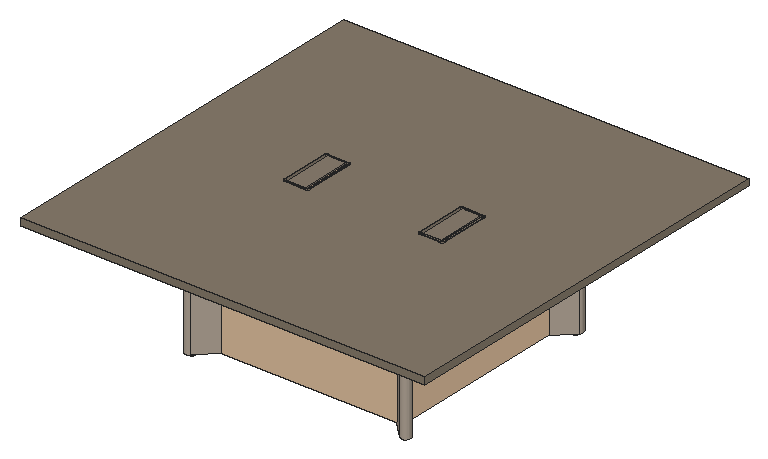
Revit family "Table-Teknion-CFSFFN_Figure_Table_Square_Gable_Enclosed_Base_Flat_Edge-R2023", category Furniture, Revit 2023
Family settings
  OmniClass Number = 23.40.20.00
  OmniClass Title = General Furniture and Specialties
  Work Plane-Based = No
  Enable Cutting in Views = No
  Always vertical = Yes
  Cut with Voids When Loaded = No
  Render Appearance Source = Family Geometry
  Shared = Yes
  Room Calculation Point = No
Parameters (values of type "Figure Table, Square, Gable Enclosed Base, Flat Edge")
  Warranty = "http://www.teknion.com/ca/papers/legal-canada"
  Void Gap [instance] = if(Size > 66.000", 26.250", if(Size = 66.000", 23.500", 10.000"))  # 26.250"
  Unit Weight URL = "http://www.teknion.com/ca/tools/assets#&asset=bee6a381-b954-425e-8283-5a2de3a804f2,f828d448-4b62-4231-9e5f-9a8991c0ed77"
  URL = "www.teknion.com"
  Top Finish [instance] = Veneer -Teknion - UX - Rustic Oak - Brindle
  To render please download texture images found here [instance] = "https://assets.teknion.com/web/5e81352c1dfdb467/revit-material-swatches/"
  Sustainability Data = "https://www.teknion.com/ca/tools/assets#&topic=216f99a5-57a0-44fc-b10a-9dee9b29ae4c&asset=444deb64-fe58-4b68-981e-f75e97781df7,b4ff2d81-9f2e-437d-9659-7cffb09c31cf"
  Surface Power Access Options [instance] = "Check/Uncheck for Power Access Options"  # constant formula
  Surface Power Access [instance] = yes
  Size [instance] = 90.000"
  Single Power Cut Out [instance] = if(Single Power, 2.250", 1.000")  # 1.000"
  Single Power [instance] = and(Surface Power Access, or(Size = 54.000", Size = 60.000"))  # no
  Series = "Custom Wood"  # constant formula
  Product Page URL = "https://www.teknion.com/ca/products/product-details?productLineId=f182336e-8e7a-673b-a6c8-ff00004460c4"
  Product Line = "Figure - Square Table"  # constant formula
  Product Documentation Link = "https://d2r72yk5wmppdj.cloudfront.net/m/7b6608f508e3c5a8/Community_Table_Cut_Sheet.pdf"
  Power Length [instance] = if(Size > 72.000", 11.820", 6.800")  # 11.820"
  Power Cover Finish [instance] = Paint - Teknion - Mica - Burnished Bronze
  Part Number = "CFSFFN"  # constant formula
  No Power Access [instance] = not(Surface Power Access)  # no
  Model = "CFSFFN_____"
  Manufacturer Phone = "416-661-3370"  # constant formula
  Manufacturer Fax = "416.661.4586"  # constant formula
  Manufacturer Contact Information = "http://www.teknion.com/ca/contactus"
  Manufacturer Address = "1150 Flint Road, Toronto, ON. M3J 2J5. Canada"  # constant formula
  Manufacturer = "Teknion"  # constant formula
  How To Use Teknion Materials User Guide [instance] = "https://assets.teknion.com/m/205dd0a49fa58060/original/How-to-add-a-Material-Library-and-Texture-Images-to-your-Revit-project.pdf"
  For Additional Finishes please visit [instance] = "https://assets.teknion.com/m/44a8009b046e5d47/original/Teknion_Materials_Library.zip"
  Double Power Cut out [instance] = if(Double Power, 27.500", 10.000")  # 27.500"
  Double Power [instance] = and(Surface Power Access, Size > 60.000")  # yes
  Description = "Figure Table, Square, Gable Enclosed Base, Flat Edge"
  Default Elevation = 0.000"
  Corner Detail [instance] = "Check/Uncheck for Corner Detail Option"  # constant formula
  Base Finish [instance] = Veneer-Teknion-LL-Natural_Veneer_V3-Silverwash_Flat_Cut
  Base Accent Finish [instance] = Veneer - Teknion - 5N - Flintwood - White Oak
  Available Size [instance] = "48\",54\",60\",66\",72\",78\",84\",90\""  # constant formula
  Assembly Code = "E2020200"
  (S) Square [instance] = not([(R) Radius])  # yes
  (R) Radius [instance] = no
Reference planes (in)
  plane 1 "Center Front/Back": y = 0
  plane 2: z = 0
  plane 3 "Center Left/Right": x = 0
  plane 4 "Left": x = -45
  plane 5 "Right": x = 45
  plane 6 "Back": y = 45
  plane 7 "Front": y = -45
  plane 8 "Top": z = 29
  plane 9: x = -24
  plane 10: y = -24
  plane 11: x = 24
  plane 12: y = 24
Forms (in)
  Sweep 1, solid, material "Veneer -Teknion - UX - Rustic Oak - Brindle" <- "Top Finish", visible <- "(S) Square"
    path origin (0, 0, 0) x (1, 0, 0) y (0, 1, 0)
      loop
        line (0, 45) -> (0, -45)
    profile origin (0, 0, 0) x (1, 0, 0) y (0, 0, 1)
      loop
        line (-45, 29) -> (-45, 27.5) -> (45, 27.5) -> (45, 29) -> (-45, 29)
  Sweep 2, solid, material "Veneer -Teknion - UX - Rustic Oak - Brindle" <- "Top Finish"
    path origin (-64.19161, 45, 48) x (-1, 0, 0) y (0, 0, 1)
      loop
        line (-64.19161, -20.5) -> (-64.19161, -21.25)
    profile origin (0, 45, 27.125) x (0, 1, 0) y (-1, 0, 0)
      loop
        line (-8, 37) -> (-82, 37) -> (-82, -37) -> (-8, -37) -> (-8, 37)
  Sweep 3, void
    path origin (-64.19161, 45, 48) x (-1, 0, 0) y (0, 0, 1)
      loop
        line (-64.19161, -48) -> (-64.19161, -20.5)
    profile origin (0, 45, 13.75) x (1, 0, 0) y (0, 1, 0)
      loop
        line (-11.75, -36.5) -> (-18.25, -36.5)
        arc (-18.25, -36.5) -> (-18.60355, -36.64645) -> (-18.75, -37) r 0.5
        line (-18.75, -37) -> (-18.75, -53)
        arc (-18.75, -53) -> (-18.60355, -53.35355) -> (-18.25, -53.5) r 0.5
        line (-18.25, -53.5) -> (-11.75, -53.5)
        arc (-11.75, -53.5) -> (-11.39645, -53.35355) -> (-11.25, -53) r 0.5
        line (-11.25, -53) -> (-11.25, -37)
        arc (-11.25, -37) -> (-11.39645, -36.64645) -> (-11.75, -36.5) r 0.5
      loop
        arc (11.75, -36.5) -> (11.39645, -36.64645) -> (11.25, -37) r 0.5
        line (11.25, -37) -> (11.25, -53)
        arc (11.25, -53) -> (11.39645, -53.35355) -> (11.75, -53.5) r 0.5
        line (11.75, -53.5) -> (18.25, -53.5)
        arc (18.25, -53.5) -> (18.60355, -53.35355) -> (18.75, -53) r 0.5
        line (18.75, -53) -> (18.75, -37)
        arc (18.75, -37) -> (18.60355, -36.64645) -> (18.25, -36.5) r 0.5
        line (18.25, -36.5) -> (11.75, -36.5)
  Sweep 4, void
    path origin (-64.19161, 45, 48) x (-1, 0, 0) y (0, 0, 1)
      loop
        line (-64.19161, -19) -> (-64.19161, -20.5)
    profile origin (0, 45, 28.25) x (0, 1, 0) y (-1, 0, 0)
      loop
        line (-39.09, 12.6987) -> (-39.09, 17.3013)
        arc (-39.09, 17.3013) -> (-39.20531, 17.57969) -> (-39.4837, 17.695) r 0.3937
        line (-39.4837, 17.695) -> (-50.5163, 17.695)
        arc (-50.5163, 17.695) -> (-50.79469, 17.57969) -> (-50.91, 17.3013) r 0.3937
        line (-50.91, 17.3013) -> (-50.91, 12.6987)
        arc (-50.91, 12.6987) -> (-50.79469, 12.42031) -> (-50.5163, 12.305) r 0.3937
        line (-50.5163, 12.305) -> (-39.4837, 12.305)
        arc (-39.4837, 12.305) -> (-39.20531, 12.42031) -> (-39.09, 12.6987) r 0.3937
      loop
        arc (-39.09, -12.6987) -> (-39.20531, -12.42031) -> (-39.4837, -12.305) r 0.3937
        line (-39.4837, -12.305) -> (-50.5163, -12.305)
        arc (-50.5163, -12.305) -> (-50.79469, -12.42031) -> (-50.91, -12.6987) r 0.3937
        line (-50.91, -12.6987) -> (-50.91, -17.3013)
        arc (-50.91, -17.3013) -> (-50.79469, -17.57969) -> (-50.5163, -17.695) r 0.3937
        line (-50.5163, -17.695) -> (-39.4837, -17.695)
        arc (-39.4837, -17.695) -> (-39.20531, -17.57969) -> (-39.09, -17.3013) r 0.3937
        line (-39.09, -17.3013) -> (-39.09, -12.6987)
  Sweep 5, solid, material "Paint - Teknion - Mica - Burnished Bronze" <- "Power Cover Finish", visible <- "Double Power"
    path origin (0, 0, 0) x (1, 0, 0) y (0, 1, 0)
      loop
        line (17.3013, 5.91) -> (12.6987, 5.91)
        arc (12.6987, 5.91) -> (12.42031, 5.79469) -> (12.305, 5.5163) r 0.3937
        line (12.305, 5.5163) -> (12.305, -5.5163)
        arc (12.305, -5.5163) -> (12.42031, -5.79469) -> (12.6987, -5.91) r 0.3937
        line (12.6987, -5.91) -> (17.3013, -5.91)
        arc (17.3013, -5.91) -> (17.57969, -5.79469) -> (17.695, -5.5163) r 0.3937
        line (17.695, -5.5163) -> (17.695, 5.5163)
        arc (17.695, 5.5163) -> (17.57969, 5.79469) -> (17.3013, 5.91) r 0.3937
    profile origin (15, 5.91, 0) x (0, -1, 0) y (0, 0, 1)
      loop
        line (-0.005, 27.5) -> (0.18494, 27.5) -> (0.18494, 28.2441) -> (0.14161, 29.07087) -> (-0.10249, 29.07087) -> (-0.10249, 29) -> (-0.005, 29) -> (-0.005, 27.5)
  Sweep 6, solid, material "Paint - Teknion - Mica - Burnished Bronze" <- "Power Cover Finish", visible <- "Double Power"
    path origin (0, 0, 0) x (1, 0, 0) y (0, 1, 0)
      loop
        line (-12.6987, 5.91) -> (-17.3013, 5.91)
        arc (-17.3013, 5.91) -> (-17.57969, 5.79469) -> (-17.695, 5.5163) r 0.3937
        line (-17.695, 5.5163) -> (-17.695, -5.5163)
        arc (-17.695, -5.5163) -> (-17.57969, -5.79469) -> (-17.3013, -5.91) r 0.3937
        line (-17.3013, -5.91) -> (-12.6987, -5.91)
        arc (-12.6987, -5.91) -> (-12.42031, -5.79469) -> (-12.305, -5.5163) r 0.3937
        line (-12.305, -5.5163) -> (-12.305, 5.5163)
        arc (-12.305, 5.5163) -> (-12.42031, 5.79469) -> (-12.6987, 5.91) r 0.3937
    profile origin (-15, 5.91, 0) x (0, -1, 0) y (0, 0, 1)
      loop
        line (-0.13263, 29.07087) -> (-0.13263, 29) -> (-0.005, 29) -> (-0.005, 27.5) -> (0.15479, 27.5) -> (0.15479, 28.2441) -> (0.11146, 29.07087) -> (-0.13263, 29.07087)
  Sweep 7, solid, material "Paint - Teknion - Mica - Burnished Bronze" <- "Power Cover Finish", visible <- "Double Power"
    path origin (-64.19161, 45, 48) x (-1, 0, 0) y (0, 0, 1)
      loop
        line (-64.19161, -18.9685) -> (-64.19161, -19.12598)
    profile origin (0, 45, 28.95276) x (0, 1, 0) y (-1, 0, 0)
      loop
        arc (-39.31687, 16.85039) -> (-39.35111, 16.93304) -> (-39.43375, 16.96727) r 0.11687
        line (-39.43375, 16.96727) -> (-50.53611, 16.96727)
        arc (-50.53611, 16.96727) -> (-50.61875, 16.93304) -> (-50.65298, 16.85039) r 0.11687
        line (-50.65298, 16.85039) -> (-50.65298, 13.14961)
        arc (-50.65298, 13.14961) -> (-50.61875, 13.06696) -> (-50.53611, 13.03273) r 0.11687
        line (-50.53611, 13.03273) -> (-39.43375, 13.03273)
        arc (-39.43375, 13.03273) -> (-39.35111, 13.06696) -> (-39.31687, 13.14961) r 0.11687
        line (-39.31687, 13.14961) -> (-39.31687, 16.85039)
      loop
        arc (-39.31687, -13.14961) -> (-39.35111, -13.06696) -> (-39.43375, -13.03273) r 0.11687
        line (-39.43375, -13.03273) -> (-50.53611, -13.03273)
        arc (-50.53611, -13.03273) -> (-50.61875, -13.06696) -> (-50.65298, -13.14961) r 0.11687
        line (-50.65298, -13.14961) -> (-50.65298, -16.85039)
        arc (-50.65298, -16.85039) -> (-50.61875, -16.93304) -> (-50.53611, -16.96727) r 0.11687
        line (-50.53611, -16.96727) -> (-39.43375, -16.96727)
        arc (-39.43375, -16.96727) -> (-39.35111, -16.93304) -> (-39.31687, -16.85039) r 0.11687
        line (-39.31687, -16.85039) -> (-39.31687, -13.14961)
  Sweep 8, void
    path origin (-64.19161, 45, 48) x (-1, 0, 0) y (0, 0, 1)
      loop
        line (-64.19161, -19) -> (-64.19161, -20)
    profile origin (0, 45, 28.5) x (0, 1, 0) y (-1, 0, 0)
      loop
        arc (-53, 3.75) -> (-53.35355, 3.60355) -> (-53.5, 3.25) r 0.5
        line (-53.5, 3.25) -> (-53.5, -3.25)
        arc (-53.5, -3.25) -> (-53.35355, -3.60355) -> (-53, -3.75) r 0.5
        line (-53, -3.75) -> (-37, -3.75)
        arc (-37, -3.75) -> (-36.64645, -3.60355) -> (-36.5, -3.25) r 0.5
        line (-36.5, -3.25) -> (-36.5, 3.25)
        arc (-36.5, 3.25) -> (-36.64645, 3.60355) -> (-37, 3.75) r 0.5
        line (-37, 3.75) -> (-53, 3.75)
  Sweep 9, void
    path origin (-64.19161, 45, 48) x (-1, 0, 0) y (0, 0, 1)
      loop
        line (-64.19161, -19) -> (-64.19161, -20.5)
    profile origin (0, 45, 28.25) x (0, 1, 0) y (-1, 0, 0)
      loop
        arc (-39.09, 2.3013) -> (-39.20678, 2.58322) -> (-39.4887, 2.7) r 0.3987
        line (-39.4887, 2.7) -> (-50.5113, 2.7)
        arc (-50.5113, 2.7) -> (-50.79322, 2.58322) -> (-50.91, 2.3013) r 0.3987
        line (-50.91, 2.3013) -> (-50.91, -2.3013)
        arc (-50.91, -2.3013) -> (-50.79322, -2.58322) -> (-50.5113, -2.7) r 0.3987
        line (-50.5113, -2.7) -> (-39.4887, -2.7)
        arc (-39.4887, -2.7) -> (-39.20678, -2.58322) -> (-39.09, -2.3013) r 0.3987
        line (-39.09, -2.3013) -> (-39.09, 2.3013)
  Sweep 10, solid, material "Paint - Teknion - Mica - Burnished Bronze" <- "Power Cover Finish", visible <- "Single Power"
    path origin (0, 0, 0) x (1, 0, 0) y (0, 1, 0)
      loop
        line (2.3013, 5.91) -> (-2.3013, 5.91)
        arc (-2.3013, 5.91) -> (-2.58322, 5.79322) -> (-2.7, 5.5113) r 0.3987
        line (-2.7, 5.5113) -> (-2.7, -5.5113)
        arc (-2.7, -5.5113) -> (-2.58322, -5.79322) -> (-2.3013, -5.91) r 0.3987
        line (-2.3013, -5.91) -> (2.3013, -5.91)
        arc (2.3013, -5.91) -> (2.58322, -5.79322) -> (2.7, -5.5113) r 0.3987
        line (2.7, -5.5113) -> (2.7, 5.5113)
        arc (2.7, 5.5113) -> (2.58322, 5.79322) -> (2.3013, 5.91) r 0.3987
    profile origin (0, 5.91, 0) x (0, -1, 0) y (0, 0, 1)
      loop
        line (-0.13263, 29.07087) -> (-0.13263, 29) -> (-0.005, 29) -> (-0.005, 27.5) -> (0.15479, 27.5) -> (0.15479, 28.2441) -> (0.11146, 29.07087) -> (-0.13263, 29.07087)
  Sweep 11, solid, material "Paint - Teknion - Mica - Burnished Bronze" <- "Power Cover Finish", visible <- "Single Power"
    path origin (-64.19161, 45, 48) x (-1, 0, 0) y (0, 0, 1)
      loop
        line (-64.19161, -18.9685) -> (-64.19161, -19.12598)
    profile origin (0, 45, 28.95276) x (0, 1, 0) y (-1, 0, 0)
      loop
        arc (-50.53611, 1.96727) -> (-50.61875, 1.93304) -> (-50.65298, 1.85039) r 0.11687
        line (-50.65298, 1.85039) -> (-50.65298, -1.85039)
        arc (-50.65298, -1.85039) -> (-50.61875, -1.93304) -> (-50.53611, -1.96727) r 0.11687
        line (-50.53611, -1.96727) -> (-39.43375, -1.96727)
        arc (-39.43375, -1.96727) -> (-39.35111, -1.93304) -> (-39.31687, -1.85039) r 0.11687
        line (-39.31687, -1.85039) -> (-39.31687, 1.85039)
        arc (-39.31687, 1.85039) -> (-39.35111, 1.93304) -> (-39.43375, 1.96727) r 0.11687
        line (-39.43375, 1.96727) -> (-50.53611, 1.96727)
  Sweep 12, solid, material "Veneer -Teknion - UX - Rustic Oak - Brindle" <- "Top Finish", visible <- "(R) Radius"
    path origin (-64.19161, 45, 48) x (-1, 0, 0) y (0, 0, 1)
      loop
        line (-64.19161, -19) -> (-64.19161, -20.5)
    profile origin (0, 45, 28.25) x (0, 1, 0) y (-1, 0, 0)
      loop
        line (-6, 45) -> (-84, 45)
        arc (-84, 45) -> (-88.24264, 43.24264) -> (-90, 39) r 6
        line (-90, 39) -> (-90, -39)
        arc (-90, -39) -> (-88.24264, -43.24264) -> (-84, -45) r 6
        line (-84, -45) -> (-6, -45)
        arc (-6, -45) -> (-1.75736, -43.24264) -> (0, -39) r 6
        line (0, -39) -> (0, 39)
        arc (0, 39) -> (-1.75736, 43.24264) -> (-6, 45) r 6
Cuts and joins
  Sweep 4, Sweep 9 cuts Sweep 1
  Sweep 3, Sweep 8 cuts Sweep 2
  Sweep 3, Sweep 4, Sweep 9 cuts Sweep 12
Lines and regions (in)
  Masking region 1, visible <- "(S) Square"
    outline origin (0, 0, 0) x (1, 0, 0) y (0, 1, 0)
      loop
        line (-45, 45) -> (-45, -45) -> (45, -45) -> (45, 45) -> (-45, 45)
  Masking region 2, visible <- "(R) Radius"
    outline origin (0, 0, 0) x (1, 0, 0) y (0, 1, 0)
      loop
        arc (-39, 45) -> (-43.24264, 43.24264) -> (-45, 39) r 6
        line (-45, 39) -> (-45, -39)
        arc (-45, -39) -> (-43.24264, -43.24264) -> (-39, -45) r 6
        line (-39, -45) -> (39, -45)
        arc (39, -45) -> (43.24264, -43.24264) -> (45, -39) r 6
        line (45, -39) -> (45, 39)
        arc (45, 39) -> (43.24264, 43.24264) -> (39, 45) r 6
        line (39, 45) -> (-39, 45)
  symbolic lines, visible <- "Double Power"
    curve 1: line (-12.6987, 6.04263, 0) -> (-17.3013, 6.04263, 0)
    curve 2: line (-17.3013, 5.79854, 0) -> (-12.6987, 5.79854, 0)
    curve 3: line (-17.3013, 5.75521, 0) -> (-12.6987, 5.75521, 0)
    curve 4: line (-13.14961, 5.68313, 0) -> (-16.85039, 5.68313, 0)
    curve 5: line (-16.96727, 5.56625, 0) -> (-16.96727, -5.53611, 0)
    curve 6: line (-13.03273, -5.53611, 0) -> (-13.03273, 5.56625, 0)
    curve 7: line (-12.45979, 5.5163, 0) -> (-12.45979, -5.5163, 0)
    curve 8: line (-12.41646, -5.5163, 0) -> (-12.41646, 5.5163, 0)
    curve 9: line (-12.17237, -5.5163, 0) -> (-12.17237, 5.5163, 0)
    curve 10: line (-17.54021, -5.5163, 0) -> (-17.54021, 5.5163, 0)
    curve 11: line (-17.58354, 5.5163, 0) -> (-17.58354, -5.5163, 0)
    curve 12: line (-17.82763, 5.5163, 0) -> (-17.82763, -5.5163, 0)
    curve 13: line (-16.85039, -5.65298, 0) -> (-13.14961, -5.65298, 0)
    curve 14: line (-12.6987, -5.75521, 0) -> (-17.3013, -5.75521, 0)
    curve 15: line (-17.3013, -5.79854, 0) -> (-12.6987, -5.79854, 0)
    curve 16: line (-17.3013, -6.04263, 0) -> (-12.6987, -6.04263, 0)
    curve 17: arc (-16.96727, -5.53611, 0) -> (-16.93304, -5.61875, 0) -> (-16.85039, -5.65298, 0) r 0.11687
    curve 18: arc (-17.58354, -5.5163, 0) -> (-17.50087, -5.71587, 0) -> (-17.3013, -5.79854, 0) r 0.28224
    curve 19: arc (-17.82763, -5.5163, 0) -> (-17.67347, -5.88847, 0) -> (-17.3013, -6.04263, 0) r 0.52633
    curve 20: arc (-13.14961, -5.65298, 0) -> (-13.06696, -5.61875, 0) -> (-13.03273, -5.53611, 0) r 0.11687
    curve 21: arc (-12.6987, -5.75521, 0) -> (-12.52977, -5.68523, 0) -> (-12.45979, -5.5163, 0) r 0.23891
    curve 22: arc (-12.6987, -5.79854, 0) -> (-12.49913, -5.71587, 0) -> (-12.41646, -5.5163, 0) r 0.28224
    curve 23: arc (-12.6987, -6.04263, 0) -> (-12.32653, -5.88847, 0) -> (-12.17237, -5.5163, 0) r 0.52633
    curve 24: arc (-13.03273, 5.56625, 0) -> (-13.06696, 5.64889, 0) -> (-13.14961, 5.68313, 0) r 0.11687
    curve 25: arc (-12.45979, 5.5163, 0) -> (-12.52977, 5.68523, 0) -> (-12.6987, 5.75521, 0) r 0.23891
    curve 26: arc (-12.41646, 5.5163, 0) -> (-12.49913, 5.71587, 0) -> (-12.6987, 5.79854, 0) r 0.28224
    curve 27: arc (-12.17237, 5.5163, 0) -> (-12.32653, 5.88847, 0) -> (-12.6987, 6.04263, 0) r 0.52633
    curve 28: arc (-16.85039, 5.68313, 0) -> (-16.93304, 5.64889, 0) -> (-16.96727, 5.56625, 0) r 0.11687
    curve 29: arc (-17.3013, 5.75521, 0) -> (-17.47023, 5.68523, 0) -> (-17.54021, 5.5163, 0) r 0.23891
    curve 30: arc (-17.3013, 5.79854, 0) -> (-17.50087, 5.71587, 0) -> (-17.58354, 5.5163, 0) r 0.28224
    curve 31: arc (-17.3013, 6.04263, 0) -> (-17.67347, 5.88847, 0) -> (-17.82763, 5.5163, 0) r 0.52633
    curve 32: arc (-17.54021, -5.5163, 0) -> (-17.47023, -5.68523, 0) -> (-17.3013, -5.75521, 0) r 0.23891
    curve 33: line (17.3013, 6.01249, 0) -> (12.6987, 6.01249, 0)
    curve 34: line (12.6987, 5.72506, 0) -> (17.3013, 5.72506, 0)
    curve 35: line (12.6987, 5.76839, 0) -> (17.3013, 5.76839, 0)
    curve 36: line (16.85039, 5.68313, 0) -> (13.14961, 5.68313, 0)
    curve 37: line (12.20251, 5.5163, 0) -> (12.20251, -5.5163, 0)
    curve 38: line (12.44661, 5.5163, 0) -> (12.44661, -5.5163, 0)
    curve 39: line (12.48994, -5.5163, 0) -> (12.48994, 5.5163, 0)
    curve 40: line (13.03273, 5.56625, 0) -> (13.03273, -5.53611, 0)
    curve 41: line (16.96727, -5.53611, 0) -> (16.96727, 5.56625, 0)
    curve 42: line (17.51006, 5.5163, 0) -> (17.51006, -5.5163, 0)
    curve 43: line (17.55339, -5.5163, 0) -> (17.55339, 5.5163, 0)
    curve 44: line (17.79749, -5.5163, 0) -> (17.79749, 5.5163, 0)
    curve 45: line (13.14961, -5.65298, 0) -> (16.85039, -5.65298, 0)
    curve 46: line (17.3013, -5.72506, 0) -> (12.6987, -5.72506, 0)
    curve 47: line (12.6987, -5.76839, 0) -> (17.3013, -5.76839, 0)
    curve 48: line (12.6987, -6.01249, 0) -> (17.3013, -6.01249, 0)
    curve 49: arc (12.20251, -5.5163, 0) -> (12.34784, -5.86716, 0) -> (12.6987, -6.01249, 0) r 0.49619
    curve 50: arc (12.44661, -5.5163, 0) -> (12.52044, -5.69456, 0) -> (12.6987, -5.76839, 0) r 0.25209
    curve 51: arc (12.48994, -5.5163, 0) -> (12.55108, -5.66392, 0) -> (12.6987, -5.72506, 0) r 0.20877
    curve 52: arc (13.03273, -5.53611, 0) -> (13.06696, -5.61875, 0) -> (13.14961, -5.65298, 0) r 0.11687
    curve 53: arc (16.85039, -5.65298, 0) -> (16.93304, -5.61875, 0) -> (16.96727, -5.53611, 0) r 0.11687
    curve 54: arc (17.3013, -5.72506, 0) -> (17.44892, -5.66392, 0) -> (17.51006, -5.5163, 0) r 0.20877
    curve 55: arc (17.3013, -5.76839, 0) -> (17.47956, -5.69456, 0) -> (17.55339, -5.5163, 0) r 0.25209
    curve 56: arc (17.3013, -6.01249, 0) -> (17.65216, -5.86716, 0) -> (17.79749, -5.5163, 0) r 0.49619
    curve 57: arc (16.96727, 5.56625, 0) -> (16.93304, 5.64889, 0) -> (16.85039, 5.68313, 0) r 0.11687
    curve 58: arc (17.51006, 5.5163, 0) -> (17.44892, 5.66392, 0) -> (17.3013, 5.72506, 0) r 0.20877
    curve 59: arc (17.55339, 5.5163, 0) -> (17.47956, 5.69456, 0) -> (17.3013, 5.76839, 0) r 0.25209
    curve 60: arc (17.79749, 5.5163, 0) -> (17.65216, 5.86716, 0) -> (17.3013, 6.01249, 0) r 0.49619
    curve 61: arc (13.14961, 5.68313, 0) -> (13.06696, 5.64889, 0) -> (13.03273, 5.56625, 0) r 0.11687
    curve 62: arc (12.6987, 5.72506, 0) -> (12.55108, 5.66392, 0) -> (12.48994, 5.5163, 0) r 0.20877
    curve 63: arc (12.6987, 5.76839, 0) -> (12.52044, 5.69456, 0) -> (12.44661, 5.5163, 0) r 0.25209
    curve 64: arc (12.6987, 6.01249, 0) -> (12.34784, 5.86716, 0) -> (12.20251, 5.5163, 0) r 0.49619
  symbolic lines, visible <- "Single Power"
    curve 65: line (2.3013, 6.04263, 0) -> (-2.3013, 6.04263, 0)
    curve 66: line (-2.3013, 5.79854, 0) -> (2.3013, 5.79854, 0)
    curve 67: line (-2.3013, 5.75521, 0) -> (2.3013, 5.75521, 0)
    curve 68: line (1.85039, 5.68313, 0) -> (-1.85039, 5.68313, 0)
    curve 69: line (-2.83263, 5.5113, 0) -> (-2.83263, -5.5113, 0)
    curve 70: line (-2.58854, -5.5113, 0) -> (-2.58854, 5.5113, 0)
    curve 71: line (-2.54521, -5.5113, 0) -> (-2.54521, 5.5113, 0)
    curve 72: line (-1.96727, 5.56625, 0) -> (-1.96727, -5.53611, 0)
    curve 73: line (1.96727, -5.53611, 0) -> (1.96727, 5.56625, 0)
    curve 74: line (2.54521, 5.5113, 0) -> (2.54521, -5.5113, 0)
    curve 75: line (2.58854, 5.5113, 0) -> (2.58854, -5.5113, 0)
    curve 76: line (2.83263, -5.5113, 0) -> (2.83263, 5.5113, 0)
    curve 77: line (-1.85039, -5.65298, 0) -> (1.85039, -5.65298, 0)
    curve 78: line (2.3013, -5.75521, 0) -> (-2.3013, -5.75521, 0)
    curve 79: line (2.3013, -5.79854, 0) -> (-2.3013, -5.79854, 0)
    curve 80: line (-2.3013, -6.04263, 0) -> (2.3013, -6.04263, 0)
    curve 81: arc (-2.83263, -5.5113, 0) -> (-2.67701, -5.88701, 0) -> (-2.3013, -6.04263, 0) r 0.53133
    curve 82: arc (-2.3013, -5.79854, 0) -> (-2.50441, -5.71441, 0) -> (-2.58854, -5.5113, 0) r 0.28724
    curve 83: arc (-2.54521, -5.5113, 0) -> (-2.47377, -5.68377, 0) -> (-2.3013, -5.75521, 0) r 0.24391
    curve 84: arc (-1.96727, -5.53611, 0) -> (-1.93304, -5.61875, 0) -> (-1.85039, -5.65298, 0) r 0.11687
    curve 85: arc (1.85039, -5.65298, 0) -> (1.93304, -5.61875, 0) -> (1.96727, -5.53611, 0) r 0.11687
    curve 86: arc (2.3013, -5.75521, 0) -> (2.47377, -5.68377, 0) -> (2.54521, -5.5113, 0) r 0.24391
    curve 87: arc (2.58854, -5.5113, 0) -> (2.50441, -5.71441, 0) -> (2.3013, -5.79854, 0) r 0.28724
    curve 88: arc (2.3013, -6.04263, 0) -> (2.67701, -5.88701, 0) -> (2.83263, -5.5113, 0) r 0.53133
    curve 89: arc (1.96727, 5.56625, 0) -> (1.93304, 5.64889, 0) -> (1.85039, 5.68313, 0) r 0.11687
    curve 90: arc (2.54521, 5.5113, 0) -> (2.47377, 5.68377, 0) -> (2.3013, 5.75521, 0) r 0.24391
    curve 91: arc (2.3013, 5.79854, 0) -> (2.50441, 5.71441, 0) -> (2.58854, 5.5113, 0) r 0.28724
    curve 92: arc (2.83263, 5.5113, 0) -> (2.67701, 5.88701, 0) -> (2.3013, 6.04263, 0) r 0.53133
    curve 93: arc (-1.85039, 5.68313, 0) -> (-1.93304, 5.64889, 0) -> (-1.96727, 5.56625, 0) r 0.11687
    curve 94: arc (-2.3013, 5.75521, 0) -> (-2.47377, 5.68377, 0) -> (-2.54521, 5.5113, 0) r 0.24391
    curve 95: arc (-2.58854, 5.5113, 0) -> (-2.50441, 5.71441, 0) -> (-2.3013, 5.79854, 0) r 0.28724
    curve 96: arc (-2.3013, 6.04263, 0) -> (-2.67701, 5.88701, 0) -> (-2.83263, 5.5113, 0) r 0.53133
  symbolic lines, style "FurnitureHiddenLines", detail levels medium+fine
    curve 97: line (-37, 37, 0) -> (37, 37, 0)
    curve 98: line (-37, -37, 0) -> (-37, 37, 0)
    curve 99: line (37, -37, 0) -> (-37, -37, 0)
    curve 100: line (37, 37, 0) -> (37, -37, 0)
  symbolic lines, style "FurnitureHiddenLines", visible <- "Double Power", detail levels medium+fine
    curve 101: line (-11.75, 8.5, 0) -> (-18.25, 8.5, 0)
    curve 102: line (-18.75, 8, 0) -> (-18.75, -8, 0)
    curve 103: line (-18.25, -8.5, 0) -> (-11.75, -8.5, 0)
    curve 104: line (-11.25, -8, 0) -> (-11.25, 8, 0)
    curve 105: arc (-18.25, -8.5, 0) -> (-18.60355, -8.35355, 0) -> (-18.75, -8, 0) r 0.5
    curve 106: arc (-11.25, -8, 0) -> (-11.39645, -8.35355, 0) -> (-11.75, -8.5, 0) r 0.5
    curve 107: arc (-18.75, 8, 0) -> (-18.60355, 8.35355, 0) -> (-18.25, 8.5, 0) r 0.5
    curve 108: arc (-11.75, 8.5, 0) -> (-11.39645, 8.35355, 0) -> (-11.25, 8, 0) r 0.5
    curve 117: line (18.25, 8.5, 0) -> (11.75, 8.5, 0)
    curve 118: line (11.75, -8.5, 0) -> (18.25, -8.5, 0)
    curve 119: line (11.25, 8, 0) -> (11.25, -8, 0)
    curve 120: line (18.75, -8, 0) -> (18.75, 8, 0)
    curve 121: arc (18.25, 8.5, 0) -> (18.60355, 8.35355, 0) -> (18.75, 8, 0) r 0.5
    curve 122: arc (11.25, 8, 0) -> (11.39645, 8.35355, 0) -> (11.75, 8.5, 0) r 0.5
    curve 123: arc (11.75, -8.5, 0) -> (11.39645, -8.35355, 0) -> (11.25, -8, 0) r 0.5
    curve 124: arc (18.75, -8, 0) -> (18.60355, -8.35355, 0) -> (18.25, -8.5, 0) r 0.5
  symbolic lines, style "FurnitureHiddenLines", visible <- "Single Power", detail levels medium+fine
    curve 109: line (-3.75, 8, 0) -> (-3.75, -8, 0)
    curve 110: line (-3.25, -8.5, 0) -> (3.25, -8.5, 0)
    curve 111: line (3.75, -8, 0) -> (3.75, 8, 0)
    curve 112: arc (-3.75, -8, 0) -> (-3.60355, -8.35355, 0) -> (-3.25, -8.5, 0) r 0.5
    curve 113: arc (3.25, -8.5, 0) -> (3.60355, -8.35355, 0) -> (3.75, -8, 0) r 0.5
    curve 114: line (3.25, 8.5, 0) -> (-3.25, 8.5, 0)
    curve 115: arc (-3.25, 8.5, 0) -> (-3.60355, 8.35355, 0) -> (-3.75, 8, 0) r 0.5
    curve 116: arc (3.75, 8, 0) -> (3.60355, 8.35355, 0) -> (3.25, 8.5, 0) r 0.5
  reference lines
    curve 125: line (-45, 45, 0) -> (-45, -45, 0)
    curve 126: line (45, 45, 0) -> (45, -45, 0)
    curve 127: line (-45, 45, 0) -> (45, 45, 0)
    curve 128: line (-45, -45, 0) -> (45, -45, 0)
Dimensions and locks (in)
  "Size": plane 4 "Left" to plane 5 "Right"
  "Size": plane 6 "Back" to plane 7 "Front"
  plane 8 "Top" to level = 29.000"
  equal spacing: plane 6 "Back", plane 1 "Center Front/Back", plane 7 "Front"
  equal spacing: plane 4 "Left", plane 3 "Center Left/Right", plane 5 "Right"
  locked: Sweep 1 sketch curve to Sweep 1 sketch curve at 1.5
  plane 8 "Top" to Sweep 2 sketch curve to Sweep 2 sketch curve = 1.500" locked, 0.750" locked
  locked: plane 4 "Left" to Sweep 2 sketch curve at 8
  locked: Sweep 2 sketch curve to plane 5 "Right" at 8
  locked: plane 6 "Back" to Sweep 2 sketch curve at 8
  locked: plane 7 "Front" to Sweep 2 sketch curve at 8
  Sweep 3 sketch curve to plane 1 "Center Front/Back" to Sweep 3 sketch curve = 8.500" locked, 8.500" locked
  locked: Sweep 4 sketch curve to Sweep 4 sketch curve at 1.5
  equal spacing: Sweep 4 sketch curve, plane 1 "Center Front/Back", Sweep 4 sketch curve
  "Power Length": Sweep 4 sketch curve to Sweep 4 sketch curve
  Sweep 5 sketch curve to Sweep 5 sketch curve to Sweep 5 sketch curve = 0.7559" locked, 0.07087" locked
  Sweep 5 sketch curve to Sweep 5 sketch curve to Sweep 5 sketch curve = 0.09749" locked, 0.18994" locked
  Sweep 6 sketch curve to Sweep 6 sketch curve to Sweep 6 sketch curve = 0.15979" locked, 0.12763" locked
  Sweep 7 sketch curve to plane 8 "Top" to Sweep 7 sketch curve = 0.0315" locked, 0.12598" locked
  Sweep 8 sketch curve to plane 3 "Center Left/Right" to Sweep 8 sketch curve = 3.750" locked, 3.750" locked
  Sweep 8 sketch curve to plane 1 "Center Front/Back" to Sweep 8 sketch curve = 8.500" locked, 8.500" locked
  Sweep 9 sketch curve to plane 3 "Center Left/Right" to Sweep 9 sketch curve = 2.700" locked, 2.700" locked
  equal spacing: Sweep 9 sketch curve, plane 1 "Center Front/Back", Sweep 9 sketch curve
  "Power Length": Sweep 9 sketch curve to Sweep 9 sketch curve
  Sweep 10 sketch curve to Sweep 10 sketch curve to Sweep 10 sketch curve = 0.11646" locked, 0.12763" locked
  Sweep 11 sketch curve to plane 8 "Top" to Sweep 11 sketch curve = 0.0315" locked, 0.12598" locked
  Sweep 11 sketch curve to plane 3 "Center Left/Right" to Sweep 11 sketch curve = 1.96727" locked, 1.96727" locked
  locked: Sweep 10 to Sweep 11 sketch curve at 0.3595
  locked: Sweep 10 to Sweep 11 sketch curve at 0.38965
  locked: Sweep 3 sketch curve to Sweep 3 sketch curve at 7.5  (x2)
  "Void Gap": plane 4 "Left" to Sweep 3 sketch curve
  "Void Gap": Sweep 3 sketch curve to plane 5 "Right"
  locked: Sweep 4 sketch curve to Sweep 4 sketch curve at 5.39  (x2)
  locked: Sweep 6 to Sweep 7 sketch curve at 0.3595
  locked: Sweep 6 to Sweep 7 sketch curve at 0.38965
  locked: Sweep 6 to Sweep 7 sketch curve at 0.86036
  locked: Sweep 7 sketch curve to Sweep 6 at 0.86036
  locked: Sweep 5 to Sweep 7 sketch curve at 0.83022
  locked: Sweep 7 sketch curve to Sweep 5 at 0.83022
  "Double Power Cut out": Sweep 3 sketch curve to Sweep 3 sketch curve
  locked: Sweep 3 to Sweep 4 sketch curve at 1.055
  locked: Sweep 4 sketch curve to Sweep 3 at 1.055
  "Single Power Cut Out": Sweep 8 sketch curve to Sweep 8 sketch curve
  locked: Sweep 6 sketch curve to Sweep 6 sketch curve at 0.07087
  locked: plane 8 "Top" to Sweep 12 sketch curve at 1.5
  aligned and locked: level to plane 2
  aligned and locked: Sweep 1 sketch curve to plane 3 "Center Left/Right"
  aligned and locked: plane 6 "Back" to Sweep 1 sketch curve
  aligned and locked: plane 7 "Front" to Sweep 1 sketch curve
  aligned and locked: Sweep 1 sketch curve to plane 8 "Top"
  aligned and locked: plane 3 "Center Left/Right" to Sweep 3 sketch curve
  aligned and locked: Sweep 3 sketch curve to Sweep 3 sketch curve  (x2)
  aligned and locked: Sweep 4 sketch curve to plane 3 "Center Left/Right"
  aligned and locked: plane 8 "Top" to Sweep 4 sketch curve
  aligned and locked: Sweep 4 sketch curve to Sweep 4 sketch curve  (x2)
  aligned and locked: Sweep 5 sketch curve to plane 8 "Top"
  aligned and locked: plane 8 "Top" to Sweep 6 sketch curve
  aligned and locked: Sweep 7 sketch curve to plane 3 "Center Left/Right"
  aligned and locked: Sweep 8 sketch curve to plane 3 "Center Left/Right"
  aligned and locked: Sweep 9 sketch curve to plane 3 "Center Left/Right"
  aligned and locked: Sweep 10 sketch curve to Sweep 9  (x4)
  aligned and locked: plane 8 "Top" to Sweep 10 sketch curve
  aligned and locked: Sweep 6 sketch curve to Sweep 4  (x4)
  aligned and locked: Sweep 5 sketch curve to Sweep 4  (x4)
  aligned and locked: Sweep 7 sketch curve to Sweep 7 sketch curve  (x2)
  aligned and locked: plane 2 to Sweep 3 sketch curve
  aligned and locked: plane 8 "Top" to Sweep 8 sketch curve
  aligned and locked: Masking region 1 sketch curve to plane 6 "Back"
  aligned and locked: plane 4 "Left" to Masking region 1 sketch curve
  aligned and locked: Masking region 1 sketch curve to plane 7 "Front"
  aligned and locked: plane 5 "Right" to Masking region 1 sketch curve
  aligned and locked: curve 17 to Sweep 7
  aligned and locked: curve 18 to Sweep 6
  aligned and locked: curve 19 to Sweep 6
  aligned and locked: curve 20 to Sweep 7
  aligned and locked: curve 21 to Sweep 6
  aligned and locked: curve 22 to Sweep 6
  aligned and locked: curve 23 to Sweep 6
  aligned and locked: curve 24 to Sweep 7
  aligned and locked: curve 25 to Sweep 6
  aligned and locked: curve 26 to Sweep 6
  aligned and locked: curve 27 to Sweep 6
  aligned and locked: curve 28 to Sweep 7
  aligned and locked: curve 29 to Sweep 6
  aligned and locked: curve 30 to Sweep 6
  aligned and locked: curve 31 to Sweep 6
  aligned and locked: curve 32 to Sweep 6
  aligned and locked: curve 49 to Sweep 5
  aligned and locked: curve 50 to Sweep 5
  aligned and locked: curve 51 to Sweep 5
  aligned and locked: curve 52 to Sweep 7
  aligned and locked: curve 53 to Sweep 7
  aligned and locked: curve 54 to Sweep 5
  aligned and locked: curve 55 to Sweep 5
  aligned and locked: curve 56 to Sweep 5
  aligned and locked: curve 57 to Sweep 7
  aligned and locked: curve 58 to Sweep 5
  aligned and locked: curve 59 to Sweep 5
  aligned and locked: curve 60 to Sweep 5
  aligned and locked: curve 61 to Sweep 7
  aligned and locked: curve 62 to Sweep 5
  aligned and locked: curve 63 to Sweep 5
  aligned and locked: curve 64 to Sweep 5
  aligned and locked: curve 81 to Sweep 10
  aligned and locked: curve 82 to Sweep 10
  aligned and locked: curve 83 to Sweep 10
  aligned and locked: curve 84 to Sweep 11
  aligned and locked: curve 85 to Sweep 11
  aligned and locked: curve 86 to Sweep 10
  aligned and locked: curve 87 to Sweep 10
  aligned and locked: curve 88 to Sweep 10
  aligned and locked: curve 89 to Sweep 11
  aligned and locked: curve 90 to Sweep 10
  aligned and locked: curve 91 to Sweep 10
  aligned and locked: curve 92 to Sweep 10
  aligned and locked: curve 93 to Sweep 11
  aligned and locked: curve 94 to Sweep 10
  aligned and locked: curve 95 to Sweep 10
  aligned and locked: curve 96 to Sweep 10
  aligned and locked: curve 97 to cut or joined group of Sweep 2, Sweep 3, Sweep 8
  aligned and locked: curve 98 to cut or joined group of Sweep 2, Sweep 3, Sweep 8
  aligned and locked: curve 99 to cut or joined group of Sweep 2, Sweep 3, Sweep 8
  aligned and locked: curve 100 to cut or joined group of Sweep 2, Sweep 3, Sweep 8
  aligned and locked: curve 105 to Sweep 3
  aligned and locked: curve 106 to Sweep 3
  aligned and locked: curve 107 to Sweep 3
  aligned and locked: curve 108 to Sweep 3
  aligned and locked: curve 112 to Sweep 8
  aligned and locked: curve 113 to Sweep 8
  aligned and locked: curve 115 to Sweep 8
  aligned and locked: curve 116 to Sweep 8
  aligned and locked: curve 121 to Sweep 3
  aligned and locked: curve 122 to Sweep 3
  aligned and locked: curve 123 to Sweep 3
  aligned and locked: curve 124 to Sweep 3
  aligned and locked: Sweep 2 sketch curve to plane 3 "Center Left/Right"
  aligned and locked: Sweep 11 sketch curve to plane 3 "Center Left/Right"
  aligned and locked: plane 1 "Center Front/Back" to nested 1
  aligned and locked: plane 3 "Center Left/Right" to nested 1
  aligned and locked: nested 1 to plane 2
  aligned and locked: curve 125 to plane 4 "Left"
  aligned and locked: plane 5 "Right" to curve 126
  aligned and locked: curve 127 to plane 6 "Back"
  aligned and locked: plane 7 "Front" to curve 128
  aligned and locked: plane 1 "Center Front/Back" to nested 10
  aligned and locked: plane 3 "Center Left/Right" to nested 10
  aligned and locked: plane 5 "Right" to Sweep 1 sketch curve
  aligned and locked: Sweep 1 sketch curve to plane 4 "Left"
  aligned and locked: Sweep 12 sketch curve to plane 3 "Center Left/Right"
  aligned and locked: plane 8 "Top" to Sweep 12 sketch curve
  aligned and locked: plane 4 "Left" to Sweep 12 sketch curve
  aligned and locked: plane 6 "Back" to Sweep 12 sketch curve
  aligned and locked: Sweep 12 sketch curve to plane 5 "Right"
  aligned and locked: Sweep 12 sketch curve to plane 7 "Front"
  aligned and locked: Masking region 2 sketch curve to plane 6 "Back"
  aligned and locked: Masking region 2 sketch curve to plane 4 "Left"
  aligned and locked: plane 7 "Front" to Masking region 2 sketch curve
  aligned and locked: plane 5 "Right" to Masking region 2 sketch curve
Automatic sketch dimensions
  Sweep 5 sketch curve to profile plane = 0.14161"
  profile plane to Sweep 5 sketch curve = 0.005"
  Sweep 6 sketch curve to profile plane = 0.11146"
  profile plane to Sweep 6 sketch curve = 0.005"
  Sweep 6 sketch curve to Sweep 6 sketch curve = 0.7441"
  Sweep 8 sketch curve to Sweep 8 sketch curve = 0.500"  (x3)
  Sweep 8 sketch curve to Sweep 8 sketch curve = 0.000"
  Sweep 11 sketch curve to Sweep 11 sketch curve = 0.11687"  (x3)
  Sweep 11 sketch curve to Sweep 11 sketch curve = 0.000"
  Sweep 7 sketch curve to Sweep 7 sketch curve = 0.11687"  (x6)
  Sweep 7 sketch curve to Sweep 7 sketch curve = 0.000"  (x2)
  profile plane to Sweep 10 sketch curve = 0.13263"
  Sweep 10 sketch curve to Sweep 10 sketch curve = 0.07087"
  Sweep 10 sketch curve to profile plane = 0.15479"
  Sweep 10 sketch curve to Sweep 10 sketch curve = 0.7441"
  Sweep 9 sketch curve to plane 8 "Top" = 0.000"
  Sweep 2 sketch curve to plane 3 "Center Left/Right" = 0.000"
  Sweep 11 sketch curve to plane 3 "Center Left/Right" = 0.000"
  Sweep 5 sketch curve to Sweep 5 sketch curve = 0.7441"
  Sweep 6 sketch curve to Sweep 6 sketch curve = 0.7559"
  Sweep 9 sketch curve to plane 8 "Top" = 1.500"
  Sweep 10 sketch curve to Sweep 10 sketch curve = 0.7559"
  Sweep 12 sketch curve to Sweep 12 sketch curve = 6.000"  (x4)
  Masking region 2 sketch curve to Masking region 2 sketch curve = 6.000"  (x4)
  Sweep 3 sketch curve to Sweep 3 sketch curve = 0.500"  (x8)
  Sweep 4 sketch curve to Sweep 4 sketch curve = 0.3937"  (x8)
  Sweep 9 sketch curve to Sweep 9 sketch curve = 0.3987"  (x4)
Nested families (in)
  nested 1: "Base" at (0, 0, 0), Size <- "Size", Base Finish <- "Base Finish", Base Accent Finish <- "Base Accent Finish", type "Gable Enclosed Base"
    with Width 74.000", Top Cutout 27.456", To render please download texture images found here "https://assets.teknion.com/web/5e81352c1dfdb467/revit-material-swatches/", Size 90.000", How To Use Teknion Materials User Guide "https://assets.teknion.com/m/205dd0a49fa58060/original/How-to-add-a-Material-Library-and-Texture-Images-to-your-Revit-project.pdf", Glide Finish Paint - Teknion - 52 - Ebony, Glide Dim 2 47.376", Glide Dim 17.657", For Additional Finishes please visit "https://assets.teknion.com/m/44a8009b046e5d47/original/Teknion_Materials_Library.zip", Bottom Cutout 18.971", Base Size 42.000", Base Finish Veneer-Teknion-LL-Natural_Veneer_V3-Silverwash_Flat_Cut, Base Accent Finish Veneer - Teknion - 5N - Flintwood - White Oak, Available Size "48\", 54\", 60\", 66\", 72\", 78\", 84\", 90\""
  nested 2: "Family2" at (8.8285, -8.8285, 0), type "Glide"
    with To render please download texture images found here "https://assets.teknion.com/web/5e81352c1dfdb467/revit-material-swatches/", How To Use Teknion Materials User Guide "https://assets.teknion.com/m/205dd0a49fa58060/original/How-to-add-a-Material-Library-and-Texture-Images-to-your-Revit-project.pdf", Glide Finish Paint - Teknion - 52 - Ebony, For Additional Finishes please visit "https://assets.teknion.com/m/44a8009b046e5d47/original/Teknion_Materials_Library.zip"
  nested 3: "Family2" at (8.8285, 8.8285, 0), type "Glide"
    with To render please download texture images found here "https://assets.teknion.com/web/5e81352c1dfdb467/revit-material-swatches/", How To Use Teknion Materials User Guide "https://assets.teknion.com/m/205dd0a49fa58060/original/How-to-add-a-Material-Library-and-Texture-Images-to-your-Revit-project.pdf", Glide Finish Paint - Teknion - 52 - Ebony, For Additional Finishes please visit "https://assets.teknion.com/m/44a8009b046e5d47/original/Teknion_Materials_Library.zip"
  nested 4: "Family2" at (-8.8285, -8.8285, 0), type "Glide"
    with To render please download texture images found here "https://assets.teknion.com/web/5e81352c1dfdb467/revit-material-swatches/", How To Use Teknion Materials User Guide "https://assets.teknion.com/m/205dd0a49fa58060/original/How-to-add-a-Material-Library-and-Texture-Images-to-your-Revit-project.pdf", Glide Finish Paint - Teknion - 52 - Ebony, For Additional Finishes please visit "https://assets.teknion.com/m/44a8009b046e5d47/original/Teknion_Materials_Library.zip"
  nested 5: "Family2" at (-8.8285, 8.8285, 0), type "Glide"
    with To render please download texture images found here "https://assets.teknion.com/web/5e81352c1dfdb467/revit-material-swatches/", How To Use Teknion Materials User Guide "https://assets.teknion.com/m/205dd0a49fa58060/original/How-to-add-a-Material-Library-and-Texture-Images-to-your-Revit-project.pdf", Glide Finish Paint - Teknion - 52 - Ebony, For Additional Finishes please visit "https://assets.teknion.com/m/44a8009b046e5d47/original/Teknion_Materials_Library.zip"
  nested 6: "Family2" at (23.688, -23.688, 0), type "Glide"
    with To render please download texture images found here "https://assets.teknion.com/web/5e81352c1dfdb467/revit-material-swatches/", How To Use Teknion Materials User Guide "https://assets.teknion.com/m/205dd0a49fa58060/original/How-to-add-a-Material-Library-and-Texture-Images-to-your-Revit-project.pdf", Glide Finish Paint - Teknion - 52 - Ebony, For Additional Finishes please visit "https://assets.teknion.com/m/44a8009b046e5d47/original/Teknion_Materials_Library.zip"
  nested 7: "Family2" at (-23.688, -23.688, 0), type "Glide"
    with To render please download texture images found here "https://assets.teknion.com/web/5e81352c1dfdb467/revit-material-swatches/", How To Use Teknion Materials User Guide "https://assets.teknion.com/m/205dd0a49fa58060/original/How-to-add-a-Material-Library-and-Texture-Images-to-your-Revit-project.pdf", Glide Finish Paint - Teknion - 52 - Ebony, For Additional Finishes please visit "https://assets.teknion.com/m/44a8009b046e5d47/original/Teknion_Materials_Library.zip"
  nested 8: "Family2" at (-23.688, 23.688, 0), type "Glide"
    with To render please download texture images found here "https://assets.teknion.com/web/5e81352c1dfdb467/revit-material-swatches/", How To Use Teknion Materials User Guide "https://assets.teknion.com/m/205dd0a49fa58060/original/How-to-add-a-Material-Library-and-Texture-Images-to-your-Revit-project.pdf", Glide Finish Paint - Teknion - 52 - Ebony, For Additional Finishes please visit "https://assets.teknion.com/m/44a8009b046e5d47/original/Teknion_Materials_Library.zip"
  nested 9: "Family2" at (23.688, 23.688, 0), type "Glide"
    with To render please download texture images found here "https://assets.teknion.com/web/5e81352c1dfdb467/revit-material-swatches/", How To Use Teknion Materials User Guide "https://assets.teknion.com/m/205dd0a49fa58060/original/How-to-add-a-Material-Library-and-Texture-Images-to-your-Revit-project.pdf", Glide Finish Paint - Teknion - 52 - Ebony, For Additional Finishes please visit "https://assets.teknion.com/m/44a8009b046e5d47/original/Teknion_Materials_Library.zip"
  nested 10: "Teknion_2D_Node_Family-R2021" at (0, 0, 0), type "Teknion_2D_Node_Family-R2021"
Definition of nested family "Base"
  Parameters (values of type "Gable Enclosed Base")
    Width [instance] = Size - 16.000"  # 74.000"
    Warranty = "http://www.teknion.com/ca/papers/legal-canada"
    Unit Weight URL = "http://www.teknion.com/ca/tools/assets#&asset=bee6a381-b954-425e-8283-5a2de3a804f2,f828d448-4b62-4231-9e5f-9a8991c0ed77"
    URL = "www.teknion.com"
    Top Cutout [instance] = if(Size = 48.000", 13.314", if(Size = 54.000", 18.971", if(Size = 60.000", 18.971", if(Size = 66.000", 23.213", if(Size = 72.000", 23.213", 27.456")))))  # 27.456"
    To render please download texture images found here [instance] = "https://assets.teknion.com/web/5e81352c1dfdb467/revit-material-swatches/"
    Sustainability Data = "https://www.teknion.com/ca/tools/assets#&topic=216f99a5-57a0-44fc-b10a-9dee9b29ae4c&asset=444deb64-fe58-4b68-981e-f75e97781df7,b4ff2d81-9f2e-437d-9659-7cffb09c31cf"
    Size [instance] = 90.000"
    Series = "Custom Wood"  # constant formula
    Product Page URL = "https://www.teknion.com/ca/products/product-details?productLineId=f182336e-8e7a-673b-a6c8-ff00004460c4"
    Product Line = "Figure - Square Table"  # constant formula
    Product Documentation Link = "https://d2r72yk5wmppdj.cloudfront.net/m/7b6608f508e3c5a8/Community_Table_Cut_Sheet.pdf"
    Part Number = ""
    Model = ""
    Manufacturer Phone = "416-661-3370"  # constant formula
    Manufacturer Fax = "416.661.4586"  # constant formula
    Manufacturer Contact Information = "http://www.teknion.com/ca/contactus"
    Manufacturer Address = "1150 Flint Road, Toronto, ON. M3J 2J5. Canada"  # constant formula
    Manufacturer = "Teknion"  # constant formula
    How To Use Teknion Materials User Guide [instance] = "https://assets.teknion.com/m/205dd0a49fa58060/original/How-to-add-a-Material-Library-and-Texture-Images-to-your-Revit-project.pdf"
    Glide Finish [instance] = none
    Glide Dim 2 [instance] = if(Size = 48.000", 17.678", if(Size = 54.000", 21.920", if(Size = 60.000", 26.163", if(Size = 66.000", 30.406", if(Size = 72.000", 34.648", if(Size = 78.000", 38.891", if(Size = 84.000", 43.134", 47.376")))))))  # 47.376"
    Glide Dim [instance] = if(Size = 48.000", 13.657", if(and(Size > 49.000", Size < 73.000"), 15.657", 17.657"))  # 17.657"
    For Additional Finishes please visit [instance] = "https://assets.teknion.com/m/44a8009b046e5d47/original/Teknion_Materials_Library.zip"
    Description = "Gable Enclosed Base"
    Default Elevation = 0.000"
    Bottom Cutout [instance] = if(Size = 48.000", 13.314", if(and(Size > 49.000", Size < 73.000"), 16.142", 18.971"))  # 18.971"
    Base Size [instance] = if(Size = 48.000", 15.000", if(Size = 54.000", 18.000", if(Size = 60.000", 18.000", if(Size = 66.000", 24.000", if(Size = 72.000", 24.000", if(Size = 78.000", 30.000", if(Size = 84.000", 36.000", 42.000")))))))  # 42.000"
    Base Finish [instance] = none
    Base Accent Finish [instance] = none
    Available Size [instance] = "48\", 54\", 60\", 66\", 72\", 78\", 84\", 90\""  # constant formula
    Assembly Code = "E2020200"
  Reference planes (in)
    plane 1 "Center Front/Back": y = 0
    plane 2: z = 0
    plane 3 "Center Left/Right": x = 0
    plane 4 "Left": x = -37
    plane 5 "Right": x = 37
    plane 6 "Back": y = 37
    plane 7 "Front": y = -37
    plane 8 "Top": z = 27.5
    plane 9: x = -8.8285
    plane 10: y = 8.8285
    plane 11: x = 8.8285
    plane 12: y = -8.8285
    plane 13: x = -23.688
    plane 14: y = 23.688
    plane 15: x = 23.688
    plane 16: y = -23.688
    plane 17: x = 21
    plane 18: y = 21
    plane 19: x = -21
    plane 20: y = -21
    plane 21: through (-37, 37, 48) normal (0.7071, 0.7071, 0)
    plane 22: through (-37, -37, 48) normal (-0.7071, 0.7071, 0)
    plane 23: through (7.41437, 6.00015, 48) normal (-0.7071, -0.7071, 0)
    plane 24: through (-7.41437, -6.00015, 48) normal (0.7071, 0.7071, 0)
    plane 25: through (-7.41437, 6.00015, 48) normal (-0.7071, 0.7071, 0)
    plane 26: through (6.00015, -7.41437, 48) normal (-0.7071, 0.7071, 0)
    plane 27: through (-10.41427, -9.00006, 48) normal (0.7071, 0.7071, 0)
    plane 28: through (9.70716, -9.70716, 48) normal (0.7071, -0.7071, 0)
    plane 29: through (9.00006, 10.41427, 48) normal (0.7071, 0.7071, 0)
    plane 30: through (-9.53039, 9.88394, 48) normal (0.7071, -0.7071, 0)
  Forms (in)
    Sweep 1, solid, material <- "Base Accent Finish"
      path origin (0, 0, 0) x (1, 0, 0) y (0, 0, 1)
        loop
          line (0, 25.75) -> (0, 0.5)
      profile origin (0, 0, 13.125) x (0, -1, 0) y (1, 0, 0)
        loop
          line (21, 21) -> (-21, 21) -> (-21, -21) -> (21, -21) -> (21, 21)
        loop
          line (-20.25, -20.25) -> (20.25, -20.25) -> (20.25, 20.25) -> (-20.25, 20.25) -> (-20.25, -20.25)
    Sweep 2, solid, material <- "Base Finish"
      path origin (0, 0, 0) x (1, 0, 0) y (0, 0, 1)
        loop
          line (0, 26.75) -> (0, 0.5)
      profile origin (0, 0, 13.625) x (0, -1, 0) y (1, 0, 0)
        loop
          line (-1.41421, 0) -> (-24.74866, -23.33445)
          arc (-24.74866, -23.33445) -> (-24.74866, -24.74866) -> (-23.33445, -24.74866) r 1
          line (-23.33445, -24.74866) -> (0, -1.41421) -> (23.33445, -24.74866)
          arc (23.33445, -24.74866) -> (24.74866, -24.74866) -> (24.74866, -23.33445) r 1
          line (24.74866, -23.33445) -> (1.41421, 0) -> (24.74866, 23.33445)
          arc (24.74866, 23.33445) -> (24.74866, 24.74866) -> (23.33445, 24.74866) r 1
          line (23.33445, 24.74866) -> (0, 1.41421) -> (-23.33445, 24.74866)
          arc (-23.33445, 24.74866) -> (-24.74866, 24.74866) -> (-24.74866, 23.33445) r 1
          line (-24.74866, 23.33445) -> (-1.41421, 0)
    Sweep 3, void
      path origin (0, 0, 0) x (1, 0, 0) y (0, 0, 1)
        loop
          line (0, 8) -> (0, 0)
      profile origin (0, 0, 4) x (0, -1, 0) y (1, 0, 0)
        loop
          line (0, -13.41452) -> (13.41452, 0) -> (0, 13.41452) -> (-13.41452, 0) -> (0, -13.41452)
    Sweep 4, void
      path origin (0, 0, 0) x (1, 0, 0) y (0, 0, 1)
        loop
          line (0, 20.75) -> (0, 27.5)
      profile origin (0, 0, 24.125) x (-1, 0, 0) y (0, -1, 0)
        loop
          line (0, -19.41432) -> (19.41432, 0) -> (0, 19.41432) -> (-19.41432, 0) -> (0, -19.41432)
  Cuts and joins
    Sweep 3, Sweep 4 cuts Sweep 2
  Lines and regions (in)
    reference lines
      curve 1: line (-37, 37, 0) -> (37, 37, 0)
      curve 2: line (-37, 37, 0) -> (-37, -37, 0)
      curve 3: line (37, 37, 0) -> (37, -37, 0)
      curve 4: line (-37, -37, 0) -> (37, -37, 0)
    symbolic lines, detail levels medium+fine
      curve 5: line (0, 1.41421, 0) -> (-9.00006, 10.41427, 0)
      curve 6: line (-10.41427, 9.00006, 0) -> (-1.41421, 0, 0)
      curve 7: line (-1.41421, 0, 0) -> (-10.41427, -9.00006, 0)
      curve 8: line (-9.00006, -10.41427, 0) -> (0, -1.41421, 0)
      curve 9: line (0, -1.41421, 0) -> (9.00006, -10.41427, 0)
      curve 10: line (10.41427, -9.00006, 0) -> (1.41421, 0, 0)
      curve 11: line (1.41421, 0, 0) -> (10.41427, 9.00006, 0)
      curve 12: line (9.00006, 10.41427, 0) -> (0, 1.41421, 0)
      curve 13: line (-9.00006, 10.41427, 0) -> (-23.33445, 24.74866, 0)
      curve 14: arc (-23.33445, 24.74866, 0) -> (-24.74866, 24.74866, 0) -> (-24.74866, 23.33445, 0) r 1
      curve 15: line (-24.74866, 23.33445, 0) -> (-10.41427, 9.00006, 0)
      curve 16: line (23.33445, 24.74866, 0) -> (9.00006, 10.41427, 0)
      curve 17: line (10.41427, 9.00006, 0) -> (24.74866, 23.33445, 0)
      curve 18: arc (24.74866, 23.33445, 0) -> (24.74866, 24.74866, 0) -> (23.33445, 24.74866, 0) r 1
      curve 19: line (-23.33445, -24.74866, 0) -> (-9.00006, -10.41427, 0)
      curve 20: line (-10.41427, -9.00006, 0) -> (-24.74866, -23.33445, 0)
      curve 21: arc (-24.74866, -23.33445, 0) -> (-24.74866, -24.74866, 0) -> (-23.33445, -24.74866, 0) r 1
      curve 22: line (9.00006, -10.41427, 0) -> (23.33445, -24.74866, 0)
      curve 23: arc (23.33445, -24.74866, 0) -> (24.74866, -24.74866, 0) -> (24.74866, -23.33445, 0) r 1
      curve 24: line (24.74866, -23.33445, 0) -> (10.41427, -9.00006, 0)
      curve 25: line (-21, 19.58579, 0) -> (-21, -19.58579, 0)
      curve 26: line (-19.58579, 21, 0) -> (19.58579, 21, 0)
      curve 27: line (-18.83579, 20.25, 0) -> (18.83579, 20.25, 0)
      curve 28: line (-19.58579, -21, 0) -> (19.58579, -21, 0)
      curve 29: line (-20.25, -18.83579, 0) -> (-20.25, 18.83579, 0)
      curve 30: line (18.83579, -20.25, 0) -> (-18.83579, -20.25, 0)
      curve 31: line (21, -19.58579, 0) -> (21, 19.58579, 0)
      curve 32: line (20.25, 18.83579, 0) -> (20.25, -18.83579, 0)
      curve 33: line (-10.41427, -9.00006, 0) -> (-9.00006, -10.41427, 0)
      curve 34: line (-7.41437, -6.00015, 0) -> (-6.00015, -7.41437, 0)
      curve 35: line (7.41437, 6.00015, 0) -> (6.00015, 7.41437, 0)
      curve 36: line (9.00006, 10.41427, 0) -> (10.41427, 9.00006, 0)
      curve 37: line (10.41427, -9.00006, 0) -> (9.00006, -10.41427, 0)
      curve 38: line (6.00015, -7.41437, 0) -> (7.41437, -6.00015, 0)
      curve 39: line (-7.41437, 6.00015, 0) -> (-6.00015, 7.41437, 0)
      curve 40: line (-9.00006, 10.41427, 0) -> (-10.41427, 9.00006, 0)
  Dimensions and locks (in)
    "Width": plane 4 "Left" to plane 5 "Right"
    "Width": plane 6 "Back" to plane 7 "Front"
    plane 8 "Top" to level = 27.500"
    equal spacing: plane 4 "Left", plane 3 "Center Left/Right", plane 5 "Right"
    equal spacing: plane 6 "Back", plane 1 "Center Front/Back", plane 7 "Front"
    locked: nested 3 to plane 2 at 0.5
    locked: nested 1 to plane 2 at 0.5
    locked: nested 4 to plane 2 at 0.5
    locked: nested 2 to plane 2 at 0.5
    locked: Sweep 1 sketch curve to plane 2 at 0.5
    locked: plane 8 "Top" to Sweep 1 sketch curve at 1.75
    locked: plane 8 "Top" to Sweep 2 sketch curve at 0.75
    locked: Sweep 2 sketch curve to plane 2 at 0.5
    Sweep 2 sketch curve to Sweep 2 sketch curve to plane 13 = 0.000" locked, 0.35355" locked
    plane 15 to Sweep 2 sketch curve to Sweep 2 sketch curve = 0.35355" locked, 0.000" locked
    plane 14 to Sweep 2 sketch curve to Sweep 2 sketch curve = 0.35355" locked, 0.000" locked
    plane 16 to Sweep 2 sketch curve to Sweep 2 sketch curve = 0.35355" locked, 0.000" locked
    "Base Size": plane 18 to plane 20
    "Base Size": plane 19 to plane 17
    locked: plane 19 to Sweep 1 sketch curve at 0.75
    locked: Sweep 1 sketch curve to plane 20 at 0.75
    locked: Sweep 1 sketch curve to plane 17 at 0.75
    locked: plane 18 to Sweep 1 sketch curve at 0.75
    equal spacing: plane 19, plane 3 "Center Left/Right", plane 17
    equal spacing: plane 18, plane 1 "Center Front/Back", plane 20
    equal spacing: plane 12, plane 1 "Center Front/Back", plane 10
    equal spacing: plane 9, plane 3 "Center Left/Right", plane 11
    "Glide Dim": plane 9 to plane 11
    "Glide Dim": plane 12 to plane 10
    equal spacing: plane 25, plane 22, plane 26
    equal spacing: plane 24, plane 21, plane 23
    equal spacing: plane 29, plane 21, plane 27
    equal spacing: plane 28, plane 22, plane 30
    "Top Cutout": plane 29 to plane 27
    "Bottom Cutout": plane 24 to plane 23
    locked: Sweep 3 sketch curve to plane 2 at 8
    locked: plane 8 "Top" to Sweep 4 sketch curve at 6.75
    equal spacing: plane 13, plane 3 "Center Left/Right", plane 15
    equal spacing: plane 16, plane 1 "Center Front/Back", plane 14
    "Glide Dim 2": plane 13 to plane 15
    "Glide Dim 2": plane 14 to plane 16
    locked: nested 6 to plane 2 at 0.5
    locked: nested 7 to plane 2 at 0.5
    locked: nested 5 to plane 2 at 0.5
    locked: nested 8 to plane 2 at 0.5
    "Bottom Cutout": plane 25 to plane 26
    "Top Cutout": plane 28 to plane 30
    aligned and locked: level to plane 2
    aligned and locked: curve 1 to plane 6 "Back"
    aligned and locked: curve 2 to plane 4 "Left"
    aligned and locked: curve 3 to plane 5 "Right"
    aligned and locked: curve 4 to plane 7 "Front"
    aligned and locked: nested 2 to plane 10
    aligned and locked: plane 11 to nested 2
    aligned and locked: nested 4 to plane 9
    aligned and locked: nested 4 to plane 10
    aligned and locked: nested 3 to plane 12
    aligned and locked: nested 3 to plane 9
    aligned and locked: nested 1 to plane 11
    aligned and locked: plane 12 to nested 1
    aligned and locked: nested 6 to plane 13
    aligned and locked: nested 6 to plane 16
    aligned and locked: nested 5 to plane 16
    aligned and locked: nested 5 to plane 15
    aligned and locked: nested 8 to plane 15
    aligned and locked: plane 14 to nested 8
    aligned and locked: nested 7 to plane 14
    aligned and locked: plane 13 to nested 7
    aligned and locked: Sweep 1 sketch curve to plane 3 "Center Left/Right"
    aligned and locked: Sweep 2 sketch curve to plane 3 "Center Left/Right"
    aligned and locked: Sweep 1 sketch curve to plane 20
    aligned and locked: Sweep 1 sketch curve to plane 17
    aligned and locked: Sweep 1 sketch curve to plane 18
    aligned and locked: Sweep 1 sketch curve to plane 19
    aligned and locked: plane 2 to Sweep 3 sketch curve
    aligned and locked: Sweep 3 sketch curve to plane 3 "Center Left/Right"
    aligned and locked: Sweep 3 sketch curve to plane 25
    aligned and locked: Sweep 3 sketch curve to plane 24
    aligned and locked: Sweep 3 sketch curve to plane 26
    aligned and locked: Sweep 3 sketch curve to plane 23
    aligned and locked: plane 8 "Top" to Sweep 4 sketch curve
    aligned and locked: plane 3 "Center Left/Right" to Sweep 4 sketch curve
    aligned and locked: Sweep 4 sketch curve to plane 30
    aligned and locked: Sweep 4 sketch curve to plane 27
    aligned and locked: Sweep 4 sketch curve to plane 29
    aligned and locked: Sweep 4 sketch curve to plane 28
    aligned and locked: curve 5 to cut or joined group of Sweep 2, Sweep 3, Sweep 4
    aligned and locked: cut or joined group of Sweep 2, Sweep 3, Sweep 4 to curve 6
    aligned and locked: curve 7 to cut or joined group of Sweep 2, Sweep 3, Sweep 4
    aligned and locked: cut or joined group of Sweep 2, Sweep 3, Sweep 4 to curve 8
    aligned and locked: curve 9 to cut or joined group of Sweep 2, Sweep 3, Sweep 4
    aligned and locked: cut or joined group of Sweep 2, Sweep 3, Sweep 4 to curve 10
